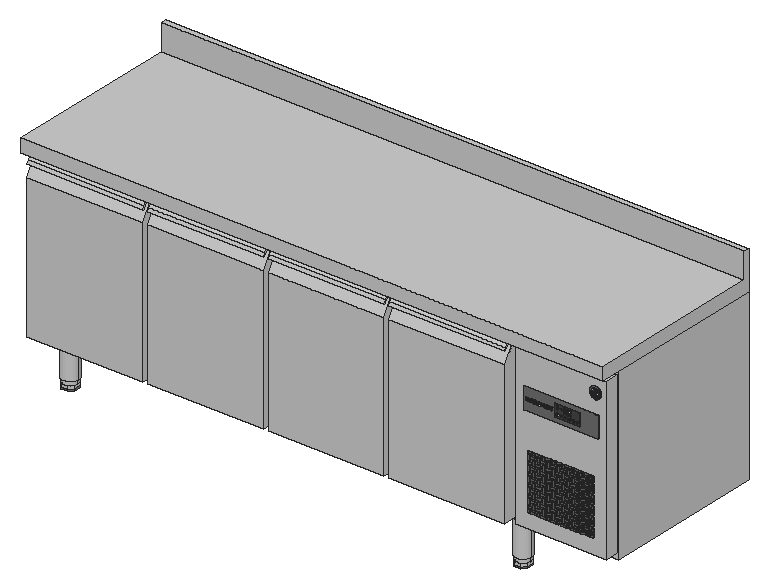
Revit family "QF_HOSHIZAKI_899040844", category Specialty Equipment, Revit 2016 (continued)
Definition of nested family "QF_HOSHIZAKI_ADVANCE_REF-COUNTER-DOORS-DRAWERS"
  Definition of nested family "Left_Door"
    Automatic sketch dimensions
      Extrusion 1 sketch curve to plane 10 = 37 mm
      Extrusion 1 sketch curve to plane 10 = 8 mm
      Extrusion 3 sketch curve to plane 3 "Left" = 0 mm
      Extrusion 3 sketch curve to plane 4 "Right" = 0 mm
      plane 5 "Front" to Extrusion 3 sketch curve = 6 mm
      curve 1 to plane 5 "Front" = 0 mm
      curve 2 to plane 5 "Front" = 0 mm
      Extrusion 2 sketch curve to Extrusion 2 sketch curve = 0 mm  (x2)
      plane 5 "Front" to Extrusion 2 sketch curve = 6 mm  (x2)
      Extrusion 2 sketch curve to Extrusion 2 sketch curve = 1.798 mm
      plane 5 "Front" to Extrusion 2 sketch curve = 11.222 mm
      Extrusion 2 sketch curve to Extrusion 2 sketch curve = 11.684 mm
      Extrusion 2 sketch curve to Extrusion 2 sketch curve = 18.812 mm
      Extrusion 2 sketch curve to plane 7 "Front door" = 11 mm
      Extrusion 2 sketch curve to plane 10 = 66.98 mm
      Extrusion 2 sketch curve to plane 10 = 20.008 mm
      Extrusion 2 sketch curve to Extrusion 2 sketch curve = 0.877 mm  (x2)
  Definition of nested family "3_Drawers_1-3"
    Parameters (values of type "3 Drawers 1-3")
      Worktop thickness [instance] = 50 mm
      URL = "www.specifiglobal.com"
      Section size [instance] = 446 mm
      Model = ""
      Manufacturer = "DEMO CONSULTANT"
      Legs height [instance] = 150 mm
      Height Actual [instance] = 850 mm
      Description = ""
      Depth Actual [instance] = 700 mm
      Assembly Code = "E1090320"
      3 Drawers = yes
    Reference planes
      plane 1 "Back": y = 0
      plane 2: z = 0
      plane 3 "Left": x = 0
      plane 4 "Right": x = 446
      plane 5 "Front": y = -700
      plane 6 "Top": z = 850
      plane 7 "Front door": y = -633
      plane 8 "Bottom shelf": z = 150
      plane 9 "Worktop bottom": z = 800
      plane 10: z = 784
      plane 11: z = 170
      plane 12: z = 584
      plane 13: z = 577
      plane 14: z = 370
      plane 15: z = 377
      plane 16: z = 580.5
      plane 17: z = 373.5
      plane 18: z = 166.5
      plane 19: z = 787.5
    Forms (mm)
      Extrusion 1, solid, visible <- "3 Drawers"
        sketch origin (860, -633, 4000) x (-1, 0, 0) y (0, 0, 1)
          loop
            line (852, -3224) -> (422, -3224) -> (422, -3408) -> (852, -3408) -> (852, -3224)
          loop
            line (823, -3253) -> (451, -3253) -> (451, -3379) -> (823, -3379) -> (823, -3253)
        from 0 to -11
      Extrusion 2, solid, visible <- "3 Drawers"
        sketch origin (0, 0, 0) x (0, 1, 0) y (0, 0, 1)
          loop
            line (-644, 784) -> (-675.296, 784)
            arc (-675.296, 784) -> (-683.245, 781.721) -> (-688.778, 775.576) r 15
            line (-688.778, 775.576) -> (-694, 764.869) -> (-692.202, 763.992) -> (-686.981, 774.699)
            arc (-686.981, 774.699) -> (-682.185, 780.025) -> (-675.296, 782) r 13
            line (-675.296, 782) -> (-656.484, 782) -> (-694, 717.02) -> (-694, 584) -> (-644, 584) -> (-644, 784)
        from 0 to 446
      Extrusion 3, solid, visible <- "3 Drawers"
        sketch origin (0, 0, -237.3) x (0, 1, 0) y (0, 0, 1)
          loop
            line (-644, 814.3) -> (-675.296, 814.3)
            arc (-675.296, 814.3) -> (-683.245, 812.021) -> (-688.778, 805.876) r 15
            line (-688.778, 805.876) -> (-694, 795.169) -> (-692.202, 794.292) -> (-686.981, 804.999)
            arc (-686.981, 804.999) -> (-682.185, 810.325) -> (-675.296, 812.3) r 13
            line (-675.296, 812.3) -> (-656.484, 812.3) -> (-694, 747.32) -> (-694, 614.3) -> (-644, 614.3) -> (-644, 814.3)
        from 0 to 446
      Extrusion 4, solid, visible <- "3 Drawers"
        sketch origin (0, 0, -463.333) x (0, 1, 0) y (0, 0, 1)
          loop
            line (-644, 833.333) -> (-675.296, 833.333)
            arc (-675.296, 833.333) -> (-683.245, 831.054) -> (-688.778, 824.909) r 15
            line (-688.778, 824.909) -> (-694, 814.202) -> (-692.202, 813.326) -> (-686.981, 824.032)
            arc (-686.981, 824.032) -> (-682.185, 829.358) -> (-675.296, 831.333) r 13
            line (-675.296, 831.333) -> (-656.484, 831.333) -> (-694, 766.353) -> (-694, 633.333) -> (-644, 633.333) -> (-644, 833.333)
        from 0 to 446
      Extrusion 5, solid, visible <- "3 Drawers"
        sketch origin (860, -633, 3773.7) x (-1, 0, 0) y (0, 0, 1)
          loop
            line (852, -3204.7) -> (422, -3204.7) -> (422, -3388.7) -> (852, -3388.7) -> (852, -3204.7)
          loop
            line (823, -3233.7) -> (451, -3233.7) -> (451, -3359.7) -> (823, -3359.7) -> (823, -3233.7)
        from 0 to -11
      Extrusion 6, solid, visible <- "3 Drawers"
        sketch origin (860, -633, 3547) x (-1, 0, 0) y (0, 0, 1)
          loop
            line (852, -3185) -> (422, -3185) -> (422, -3369) -> (852, -3369) -> (852, -3185)
          loop
            line (823, -3214) -> (451, -3214) -> (451, -3340) -> (823, -3340) -> (823, -3214)
        from 0 to -11
      Extrusion 7, solid, visible <- "3 Drawers", detail levels coarse
        sketch origin (0, -608.657, 584) x (0, 1, 0) y (-1, 0, 0)
          loop
            line (-85.343, 0) -> (-551.343, 0) -> (-551.343, -446) -> (-85.343, -446) -> (-85.343, 0)
        from 0 to 200
      Extrusion 8, solid, visible <- "3 Drawers", detail levels coarse
        sketch origin (0, -503.657, 377) x (0, 1, 0) y (-1, 0, 0)
          loop
            line (-190.343, 0) -> (-656.343, 0) -> (-656.343, -446) -> (-190.343, -446) -> (-190.343, 0)
        from 0 to 200
      Extrusion 9, solid, visible <- "3 Drawers", detail levels coarse
        sketch origin (0, -343.657, 170) x (0, 1, 0) y (-1, 0, 0)
          loop
            line (-350.343, 0) -> (-816.343, 0) -> (-816.343, -446) -> (-350.343, -446) -> (-350.343, 0)
        from 0 to 200
    Lines and regions (mm)
      symbolic lines, visible <- "3 Drawers"
        curve 1: line (0, -808, 850) -> (0, -854, 850)
        curve 2: line (0, -854, 850) -> (446, -854, 850)
        curve 3: line (446, -854, 850) -> (446, -808, 850)
        curve 4: line (446, -808, 850) -> (0, -808, 850)
        curve 5: line (416, -808, 850) -> (416, -700, 850)
        curve 6: line (30, -808, 850) -> (30, -700, 850)
        curve 7: line (0, -961, 850) -> (0, -1007, 850)
        curve 8: line (0, -1007, 850) -> (446, -1007, 850)
        curve 9: line (446, -1007, 850) -> (446, -961, 850)
        curve 10: line (446, -961, 850) -> (0, -961, 850)
        curve 11: line (416, -961, 850) -> (416, -854, 850)
        curve 12: line (30, -961, 850) -> (30, -854, 850)
        curve 13: line (0, -1114, 850) -> (0, -1160, 850)
        curve 14: line (0, -1160, 850) -> (446, -1160, 850)
        curve 15: line (446, -1160, 850) -> (446, -1114, 850)
        curve 16: line (446, -1114, 850) -> (0, -1114, 850)
        curve 17: line (416, -1114, 850) -> (416, -1007, 850)
        curve 18: line (30, -1114, 850) -> (30, -1007, 850)
    Dimensions and locks
      "Section size": plane 3 "Left" to plane 4 "Right"
      "Depth Actual": plane 5 "Front" to plane 1 "Back"
      "Height Actual": plane 6 "Top" to level
      locked: plane 7 "Front door" to plane 5 "Front" at 67
      "Legs height": plane 8 "Bottom shelf" to plane 2
      "Worktop thickness": plane 6 "Top" to plane 9 "Worktop bottom"
      locked: plane 11 to plane 8 "Bottom shelf" at 20
      locked: plane 9 "Worktop bottom" to plane 10 at 16
      locked: plane 12 to plane 13 at 7
      locked: plane 15 to plane 14 at 7
      locked: plane 11 to plane 18 at 3.5
      equal spacing: plane 12, plane 16, plane 13
      equal spacing: plane 15, plane 17, plane 14
      locked: plane 19 to plane 10 at 3.5
      equal spacing: plane 19, plane 16, plane 17, plane 18
      aligned and locked: level to plane 2
      aligned and locked: Extrusion 2 to plane 4 "Right"
      aligned and locked: Extrusion 3 to plane 4 "Right"
      aligned and locked: Extrusion 4 to plane 4 "Right"
      aligned and locked: plane 4 "Right" to Extrusion 7 sketch curve
      aligned and locked: plane 3 "Left" to Extrusion 7 sketch curve
      aligned and locked: Extrusion 7 to plane 10
      aligned and locked: Extrusion 8 to plane 13
      aligned and locked: Extrusion 9 to plane 14
      aligned and locked: plane 10 to Extrusion 2 sketch curve
      aligned and locked: Extrusion 2 sketch curve to plane 12
      aligned and locked: Extrusion 3 sketch curve to plane 15
      aligned and locked: plane 13 to Extrusion 3 sketch curve
    Automatic sketch dimensions
      plane 4 "Right" to Extrusion 1 sketch curve = 8 mm
      plane 4 "Right" to Extrusion 1 sketch curve = 37 mm
      plane 3 "Left" to Extrusion 1 sketch curve = 37 mm
      plane 3 "Left" to Extrusion 1 sketch curve = 8 mm
      plane 12 to Extrusion 1 sketch curve = 8 mm
      plane 12 to Extrusion 1 sketch curve = 37 mm
      Extrusion 1 sketch curve to plane 10 = 37 mm
      Extrusion 1 sketch curve to plane 10 = 8 mm
      plane 4 "Right" to Extrusion 5 sketch curve = 8 mm
      plane 4 "Right" to Extrusion 5 sketch curve = 37 mm
      plane 3 "Left" to Extrusion 5 sketch curve = 37 mm
      plane 3 "Left" to Extrusion 5 sketch curve = 8 mm
      plane 15 to Extrusion 5 sketch curve = 8 mm
      plane 15 to Extrusion 5 sketch curve = 37 mm
      Extrusion 5 sketch curve to plane 13 = 37 mm
      Extrusion 5 sketch curve to plane 13 = 8 mm
      plane 4 "Right" to Extrusion 6 sketch curve = 8 mm
      plane 4 "Right" to Extrusion 6 sketch curve = 37 mm
      plane 3 "Left" to Extrusion 6 sketch curve = 37 mm
      plane 3 "Left" to Extrusion 6 sketch curve = 8 mm
      plane 11 to Extrusion 6 sketch curve = 8 mm
      plane 11 to Extrusion 6 sketch curve = 37 mm
      Extrusion 6 sketch curve to plane 14 = 37 mm
      Extrusion 6 sketch curve to plane 14 = 8 mm
      Extrusion 7 sketch curve to plane 5 "Front" = 460 mm
      plane 5 "Front" to Extrusion 7 sketch curve = 6 mm
      Extrusion 8 sketch curve to plane 3 "Left" = 0 mm
      Extrusion 8 sketch curve to plane 4 "Right" = 0 mm
      Extrusion 8 sketch curve to plane 5 "Front" = 460 mm
      plane 5 "Front" to Extrusion 8 sketch curve = 6 mm
      Extrusion 9 sketch curve to plane 3 "Left" = 0 mm
      Extrusion 9 sketch curve to plane 4 "Right" = 0 mm
      Extrusion 9 sketch curve to plane 5 "Front" = 460 mm
      plane 5 "Front" to Extrusion 9 sketch curve = 6 mm
      curve 13 to plane 3 "Left" = 0 mm
      curve 14 to plane 4 "Right" = 0 mm
      curve 7 to plane 3 "Left" = 0 mm
      curve 8 to plane 4 "Right" = 0 mm
      curve 1 to plane 3 "Left" = 0 mm
      curve 3 to plane 4 "Right" = 0 mm
      curve 6 to plane 5 "Front" = 0 mm
      curve 5 to plane 5 "Front" = 0 mm
      curve 1 to plane 5 "Front" = 108 mm
      curve 2 to curve 3 = 46 mm
      curve 7 to curve 1 = 107 mm
      curve 9 to curve 9 = 46 mm
      curve 16 to curve 7 = 107 mm
      curve 14 to curve 13 = 46 mm
      curve 8 to curve 17 = 30 mm
      curve 9 to curve 11 = 30 mm
      curve 3 to curve 5 = 30 mm
      plane 3 "Left" to curve 6 = 30 mm
      plane 3 "Left" to curve 18 = 30 mm
      plane 3 "Left" to curve 12 = 30 mm
      Extrusion 2 sketch curve to Extrusion 2 sketch curve = 0 mm  (x3)
      plane 5 "Front" to Extrusion 2 sketch curve = 6 mm  (x2)
      Extrusion 2 sketch curve to Extrusion 2 sketch curve = 1.798 mm  (x2)
      Extrusion 2 sketch curve to Extrusion 2 sketch curve = 11.684 mm
      plane 5 "Front" to Extrusion 2 sketch curve = 43.516 mm
      plane 5 "Front" to Extrusion 2 sketch curve = 56 mm
      Extrusion 2 sketch curve to plane 10 = 66.98 mm
      Extrusion 3 sketch curve to Extrusion 3 sketch curve = 0 mm  (x4)
      Extrusion 3 sketch curve to Extrusion 3 sketch curve = 1.798 mm  (x2)
      plane 5 "Front" to Extrusion 3 sketch curve = 11.222 mm
      Extrusion 3 sketch curve to Extrusion 3 sketch curve = 18.812 mm
      Extrusion 3 sketch curve to plane 7 "Front door" = 11 mm
      Extrusion 3 sketch curve to Extrusion 3 sketch curve = 46.972 mm
      Extrusion 4 sketch curve to Extrusion 4 sketch curve = 0 mm  (x2)
      Extrusion 4 sketch curve to plane 11 = 0 mm
      Extrusion 4 sketch curve to plane 14 = 0 mm
      Extrusion 4 sketch curve to plane 7 "Front door" = 61 mm  (x2)
      Extrusion 4 sketch curve to Extrusion 4 sketch curve = 1.798 mm  (x2)
      Extrusion 4 sketch curve to plane 14 = 8.424 mm
      Extrusion 4 sketch curve to Extrusion 4 sketch curve = 5.222 mm
      Extrusion 4 sketch curve to plane 14 = 9.301 mm
      Extrusion 4 sketch curve to plane 7 "Front door" = 42.296 mm
      Extrusion 4 sketch curve to plane 7 "Front door" = 23.484 mm
      Extrusion 4 sketch curve to plane 7 "Front door" = 11 mm
      Extrusion 4 sketch curve to Extrusion 4 sketch curve = 46.972 mm
      plane 5 "Front" to Extrusion 2 sketch curve = 11.222 mm
      plane 5 "Front" to Extrusion 3 sketch curve = 7.798 mm
      plane 5 "Front" to Extrusion 3 sketch curve = 6 mm
      Extrusion 3 sketch curve to Extrusion 3 sketch curve = 11.684 mm
      Extrusion 3 sketch curve to Extrusion 3 sketch curve = 66.98 mm
      Extrusion 3 sketch curve to Extrusion 3 sketch curve = 0.877 mm
      Extrusion 2 sketch curve to plane 10 = 20.008 mm
      Extrusion 2 sketch curve to Extrusion 2 sketch curve = 0.877 mm
  Definition of nested family "2_Drawers_1-2"
    Parameters (values of type "2 Drawers 1-2")
      Worktop thickness [instance] = 50 mm
      URL = "www.specifiglobal.com"
      Section size [instance] = 446 mm
      Model = ""
      Manufacturer = "DEMO CONSULTANT"
      Legs height [instance] = 150 mm
      Height Actual [instance] = 850 mm
      Description = ""
      Depth Actual [instance] = 700 mm
      Assembly Code = "E1090320"
      2 Drawers = yes
    Reference planes
      plane 1 "Back": y = 0
      plane 2: z = 0
      plane 3 "Left": x = 0
      plane 4 "Right": x = 446
      plane 5 "Front": y = -700
      plane 6 "Top": z = 850
      plane 7 "Front door": y = -633
      plane 8 "Bottom shelf": z = 150
      plane 9 "Worktop bottom": z = 800
      plane 10: z = 784
      plane 11: z = 170
      plane 12: z = 481
      plane 13: z = 473
      plane 14: z = 477
      plane 15: z = 792
      plane 16: z = 160
    Forms (mm)
      Extrusion 1, solid, visible <- "2 Drawers"
        sketch origin (860, -633, 4000) x (-1, 0, 0) y (0, 0, 1)
          loop
            line (852, -3224) -> (422, -3224) -> (422, -3511) -> (852, -3511) -> (852, -3224)
          loop
            line (823, -3253) -> (451, -3253) -> (451, -3482) -> (823, -3482) -> (823, -3253)
        from 0 to -11
      Extrusion 2, solid, visible <- "2 Drawers"
        sketch origin (0, 0, 0) x (0, 1, 0) y (0, 0, 1)
          loop
            line (-644, 784) -> (-675.296, 784)
            arc (-675.296, 784) -> (-683.245, 781.721) -> (-688.778, 775.576) r 15
            line (-688.778, 775.576) -> (-694, 764.869) -> (-692.202, 763.992) -> (-686.981, 774.699)
            arc (-686.981, 774.699) -> (-682.185, 780.025) -> (-675.296, 782) r 13
            line (-675.296, 782) -> (-656.484, 782) -> (-694, 717.02) -> (-694, 481) -> (-644, 481) -> (-644, 784)
        from 0 to 446
      Extrusion 3, solid, visible <- "2 Drawers"
        sketch origin (0, 0, -463.333) x (0, 1, 0) y (0, 0, 1)
          loop
            line (-644, 936.333) -> (-675.296, 936.333)
            arc (-675.296, 936.333) -> (-683.245, 934.054) -> (-688.778, 927.909) r 15
            line (-688.778, 927.909) -> (-694, 917.202) -> (-692.202, 916.326) -> (-686.981, 927.032)
            arc (-686.981, 927.032) -> (-682.185, 932.358) -> (-675.296, 934.333) r 13
            line (-675.296, 934.333) -> (-656.484, 934.333) -> (-694, 869.353) -> (-694, 633.333) -> (-644, 633.333) -> (-644, 936.333)
        from 0 to 446
      Extrusion 4, solid, visible <- "2 Drawers"
        sketch origin (860, -633, 3547) x (-1, 0, 0) y (0, 0, 1)
          loop
            line (852, -3082) -> (422, -3082) -> (422, -3369) -> (852, -3369) -> (852, -3082)
          loop
            line (823, -3111) -> (451, -3111) -> (451, -3340) -> (823, -3340) -> (823, -3111)
        from 0 to -11
      Extrusion 5, solid, visible <- "2 Drawers", detail levels coarse
        sketch origin (0, -608.657, 481) x (0, 1, 0) y (-1, 0, 0)
          loop
            line (-85.343, 0) -> (-551.343, 0) -> (-551.343, -446) -> (-85.343, -446) -> (-85.343, 0)
        from 0 to 303
      Extrusion 6, solid, visible <- "2 Drawers", detail levels coarse
        sketch origin (0, -343.657, 170) x (0, 1, 0) y (-1, 0, 0)
          loop
            line (-350.343, 0) -> (-816.343, 0) -> (-816.343, -446) -> (-350.343, -446) -> (-350.343, 0)
        from 0 to 303
    Lines and regions (mm)
      symbolic lines, visible <- "2 Drawers"
        curve 1: line (0, -884, 850) -> (0, -930, 850)
        curve 2: line (0, -930, 850) -> (446, -930, 850)
        curve 3: line (446, -930, 850) -> (446, -884, 850)
        curve 4: line (446, -884, 850) -> (0, -884, 850)
        curve 5: line (416, -884, 850) -> (416, -700, 850)
        curve 6: line (30, -884, 850) -> (30, -700, 850)
        curve 7: line (0, -1114, 850) -> (0, -1160, 850)
        curve 8: line (0, -1160, 850) -> (446, -1160, 850)
        curve 9: line (446, -1160, 850) -> (446, -1114, 850)
        curve 10: line (446, -1114, 850) -> (0, -1114, 850)
        curve 11: line (416, -1114, 850) -> (416, -930, 850)
        curve 12: line (30, -1114, 850) -> (30, -930, 850)
    Dimensions and locks
      "Section size": plane 3 "Left" to plane 4 "Right"
      "Depth Actual": plane 5 "Front" to plane 1 "Back"
      "Height Actual": plane 6 "Top" to level
      locked: plane 7 "Front door" to plane 5 "Front" at 67
      "Legs height": plane 8 "Bottom shelf" to plane 2
      "Worktop thickness": plane 6 "Top" to plane 9 "Worktop bottom"
      locked: plane 11 to plane 8 "Bottom shelf" at 20
      locked: plane 9 "Worktop bottom" to plane 10 at 16
      equal spacing: plane 9 "Worktop bottom", plane 15, plane 10
      equal spacing: plane 11, plane 16, plane 8 "Bottom shelf"
      plane 12 to plane 13 = 8 mm
      equal spacing: plane 12, plane 14, plane 13
      equal spacing: plane 10, plane 14, plane 11
      aligned and locked: level to plane 2
      aligned and locked: Extrusion 2 to plane 4 "Right"
      aligned and locked: Extrusion 3 to plane 4 "Right"
      aligned and locked: plane 4 "Right" to Extrusion 5 sketch curve
      aligned and locked: plane 3 "Left" to Extrusion 5 sketch curve
      aligned and locked: Extrusion 5 to plane 10
      aligned and locked: Extrusion 6 to plane 13
      aligned and locked: Extrusion 2 sketch curve to plane 12
      aligned and locked: plane 10 to Extrusion 2 sketch curve
      aligned and locked: Extrusion 3 sketch curve to plane 11
      aligned and locked: plane 13 to Extrusion 3 sketch curve
    Automatic sketch dimensions
      plane 4 "Right" to Extrusion 1 sketch curve = 8 mm
      plane 4 "Right" to Extrusion 1 sketch curve = 37 mm
      plane 3 "Left" to Extrusion 1 sketch curve = 37 mm
      plane 3 "Left" to Extrusion 1 sketch curve = 8 mm
      plane 12 to Extrusion 1 sketch curve = 8 mm
      plane 12 to Extrusion 1 sketch curve = 37 mm
      Extrusion 1 sketch curve to plane 10 = 37 mm
      Extrusion 1 sketch curve to plane 10 = 8 mm
      plane 4 "Right" to Extrusion 4 sketch curve = 8 mm
      plane 4 "Right" to Extrusion 4 sketch curve = 37 mm
      plane 3 "Left" to Extrusion 4 sketch curve = 37 mm
      plane 3 "Left" to Extrusion 4 sketch curve = 8 mm
      plane 11 to Extrusion 4 sketch curve = 8 mm
      plane 11 to Extrusion 4 sketch curve = 37 mm
      Extrusion 4 sketch curve to plane 13 = 37 mm
      Extrusion 4 sketch curve to plane 13 = 8 mm
      Extrusion 5 sketch curve to plane 5 "Front" = 460 mm
      plane 5 "Front" to Extrusion 5 sketch curve = 6 mm
      Extrusion 6 sketch curve to plane 3 "Left" = 0 mm
      Extrusion 6 sketch curve to plane 4 "Right" = 0 mm
      Extrusion 6 sketch curve to plane 5 "Front" = 460 mm
      plane 5 "Front" to Extrusion 6 sketch curve = 6 mm
      curve 8 to plane 3 "Left" = 0 mm
      curve 8 to plane 4 "Right" = 0 mm
      curve 3 to plane 4 "Right" = 0 mm
      curve 1 to plane 3 "Left" = 0 mm
      curve 5 to plane 5 "Front" = 0 mm
      curve 6 to plane 5 "Front" = 0 mm
      curve 4 to plane 5 "Front" = 184 mm
      curve 2 to curve 1 = 46 mm
      curve 7 to curve 1 = 184 mm
      curve 9 to curve 9 = 46 mm
      plane 4 "Right" to curve 5 = 30 mm
      plane 4 "Right" to curve 11 = 30 mm
      plane 3 "Left" to curve 12 = 30 mm
      plane 3 "Left" to curve 6 = 30 mm
      Extrusion 2 sketch curve to Extrusion 2 sketch curve = 0 mm  (x2)
      plane 5 "Front" to Extrusion 2 sketch curve = 6 mm  (x2)
      Extrusion 2 sketch curve to Extrusion 2 sketch curve = 1.798 mm  (x2)
      Extrusion 2 sketch curve to Extrusion 2 sketch curve = 5.222 mm
      plane 5 "Front" to Extrusion 2 sketch curve = 24.704 mm
      plane 5 "Front" to Extrusion 2 sketch curve = 43.516 mm
      plane 5 "Front" to Extrusion 2 sketch curve = 56 mm
      Extrusion 2 sketch curve to Extrusion 2 sketch curve = 46.972 mm
      Extrusion 2 sketch curve to Extrusion 2 sketch curve = 0.877 mm
      Extrusion 2 sketch curve to Extrusion 2 sketch curve = 5.699 mm
      plane 5 "Front" to Extrusion 3 sketch curve = 6 mm  (x2)
      Extrusion 3 sketch curve to Extrusion 3 sketch curve = 1.798 mm  (x2)
      Extrusion 3 sketch curve to Extrusion 3 sketch curve = 5.222 mm
      Extrusion 3 sketch curve to Extrusion 3 sketch curve = 11.684 mm
      plane 5 "Front" to Extrusion 3 sketch curve = 43.516 mm
      plane 5 "Front" to Extrusion 3 sketch curve = 56 mm
      Extrusion 3 sketch curve to Extrusion 3 sketch curve = 46.972 mm
      Extrusion 3 sketch curve to Extrusion 3 sketch curve = 0 mm  (x2)
      Extrusion 3 sketch curve to Extrusion 3 sketch curve = 5.699 mm
      Extrusion 3 sketch curve to Extrusion 3 sketch curve = 0.877 mm
  Definition of nested family "3_Drawers_1-3_2-3"
    Parameters (values of type "2 Drawers 1-3 and 2-3")
      Worktop thickness [instance] = 40 mm
      URL = "www.specifiglobal.com"
      Section size [instance] = 421 mm
      Model = ""
      Manufacturer = "DEMO CONSULTANT"
      Legs height [instance] = 150 mm
      Height Actual [instance] = 900 mm
      Description = ""
      Depth Actual [instance] = 700 mm
      Assembly Code = "E1090320"
      2 Drawers 1-3 and 2-3 = yes
    Reference planes
      plane 1 "Back": y = 0
      plane 2: z = 0
      plane 3 "Left": x = 0
      plane 4 "Right": x = 421
      plane 5 "Front": y = -700
      plane 6 "Top": z = 900
      plane 7 "Front door": y = -633
      plane 8 "Bottom shelf": z = 150
      plane 9 "Worktop bottom": z = 860
      plane 10: z = 841
      plane 11: z = 186
      plane 12: z = 627
      plane 13: z = 620
      plane 14: z = 623.5
      plane 15: z = 850.5
      plane 16: z = 168
    Forms (mm)
      Extrusion 1, solid, visible <- "2 Drawers 1-3 and 2-3"
        sketch origin (860, -633, 4000) x (-1, 0, 0) y (0, 0, 1)
          loop
            line (852, -3167) -> (447, -3167) -> (447, -3365) -> (852, -3365) -> (852, -3167)
          loop
            line (823, -3196) -> (476, -3196) -> (476, -3336) -> (823, -3336) -> (823, -3196)
        from 0 to -11
      Extrusion 2, solid, visible <- "2 Drawers 1-3 and 2-3"
        sketch origin (0, 0, 0) x (0, 1, 0) y (0, 0, 1)
          loop
            line (-644, 841) -> (-675.296, 841)
            arc (-675.296, 841) -> (-683.245, 838.721) -> (-688.778, 832.576) r 15
            line (-688.778, 832.576) -> (-694, 821.869) -> (-692.202, 820.992) -> (-686.981, 831.699)
            arc (-686.981, 831.699) -> (-682.185, 837.025) -> (-675.296, 839) r 13
            line (-675.296, 839) -> (-656.484, 839) -> (-694, 774.02) -> (-694, 627) -> (-644, 627) -> (-644, 841)
        from 0 to 421
      Extrusion 3, solid, visible <- "2 Drawers 1-3 and 2-3"
        sketch origin (0, 0, -463.333) x (0, 1, 0) y (0, 0, 1)
          loop
            line (-644, 1083.333) -> (-675.296, 1083.333)
            arc (-675.296, 1083.333) -> (-683.245, 1081.054) -> (-688.778, 1074.909) r 15
            line (-688.778, 1074.909) -> (-694, 1064.202) -> (-692.202, 1063.326) -> (-686.981, 1074.032)
            arc (-686.981, 1074.032) -> (-682.185, 1079.358) -> (-675.296, 1081.333) r 13
            line (-675.296, 1081.333) -> (-656.484, 1081.333) -> (-694, 1016.353) -> (-694, 649.333) -> (-644, 649.333) -> (-644, 1083.333)
        from 0 to 421
      Extrusion 4, solid, visible <- "2 Drawers 1-3 and 2-3"
        sketch origin (860, -633, 3547) x (-1, 0, 0) y (0, 0, 1)
          loop
            line (852, -2935) -> (447, -2935) -> (447, -3353) -> (852, -3353) -> (852, -2935)
          loop
            line (823, -2964) -> (476, -2964) -> (476, -3324) -> (823, -3324) -> (823, -2964)
        from 0 to -11
      Extrusion 5, solid, visible <- "2 Drawers 1-3 and 2-3", detail levels coarse
        sketch origin (0, -608.657, 627) x (0, 1, 0) y (-1, 0, 0)
          loop
            line (-85.343, 0) -> (-551.343, 0) -> (-551.343, -421) -> (-85.343, -421) -> (-85.343, 0)
        from 0 to 214
      Extrusion 6, solid, visible <- "2 Drawers 1-3 and 2-3", detail levels coarse
        sketch origin (0, -343.657, 186) x (0, 1, 0) y (-1, 0, 0)
          loop
            line (-350.343, 0) -> (-816.343, 0) -> (-816.343, -421) -> (-350.343, -421) -> (-350.343, 0)
        from 0 to 434
    Lines and regions (mm)
      symbolic lines, visible <- "2 Drawers 1-3 and 2-3"
        curve 1: line (0, -804, 900) -> (0, -850, 900)
        curve 2: line (0, -850, 900) -> (421, -850, 900)
        curve 3: line (421, -850, 900) -> (421, -804, 900)
        curve 4: line (421, -804, 900) -> (0, -804, 900)
        curve 5: line (391, -804, 900) -> (391, -700, 900)
        curve 6: line (30, -804, 900) -> (30, -700, 900)
        curve 7: line (0, -1114, 900) -> (0, -1160, 900)
        curve 8: line (0, -1160, 900) -> (421, -1160, 900)
        curve 9: line (421, -1160, 900) -> (421, -1114, 900)
        curve 10: line (421, -1114, 900) -> (0, -1114, 900)
        curve 11: line (391, -1114, 900) -> (391, -850, 900)
        curve 12: line (30, -1114, 900) -> (30, -850, 900)
    Dimensions and locks
      "Section size": plane 3 "Left" to plane 4 "Right"
      "Depth Actual": plane 5 "Front" to plane 1 "Back"
      "Height Actual": plane 6 "Top" to level
      locked: plane 7 "Front door" to plane 5 "Front" at 67
      "Legs height": plane 8 "Bottom shelf" to plane 2
      "Worktop thickness": plane 6 "Top" to plane 9 "Worktop bottom"
      locked: plane 11 to plane 8 "Bottom shelf" at 36
      locked: plane 9 "Worktop bottom" to plane 10 at 19
      locked: plane 12 to plane 13 at 7
      equal spacing: plane 9 "Worktop bottom", plane 15, plane 10
      equal spacing: plane 11, plane 16, plane 8 "Bottom shelf"
      locked: Extrusion 4 sketch curve to plane 13 at 37
      locked: Extrusion 4 sketch curve to plane 13 at 8
      equal spacing: plane 12, plane 14, plane 13
      locked: plane 10 to plane 12 at 214
      aligned and locked: level to plane 2
      aligned and locked: Extrusion 2 to plane 4 "Right"
      aligned and locked: Extrusion 3 to plane 4 "Right"
      aligned and locked: plane 4 "Right" to Extrusion 5 sketch curve
      aligned and locked: plane 3 "Left" to Extrusion 5 sketch curve
      aligned and locked: Extrusion 5 to plane 10
      aligned and locked: Extrusion 6 to plane 13
      aligned and locked: plane 10 to Extrusion 2 sketch curve
      aligned and locked: Extrusion 2 sketch curve to plane 12
      aligned and locked: Extrusion 3 sketch curve to plane 11
      aligned and locked: plane 13 to Extrusion 3 sketch curve
    Automatic sketch dimensions
      plane 4 "Right" to Extrusion 1 sketch curve = 8 mm
      plane 4 "Right" to Extrusion 1 sketch curve = 37 mm
      plane 3 "Left" to Extrusion 1 sketch curve = 37 mm
      plane 3 "Left" to Extrusion 1 sketch curve = 8 mm
      plane 12 to Extrusion 1 sketch curve = 8 mm
      plane 12 to Extrusion 1 sketch curve = 37 mm
      Extrusion 1 sketch curve to plane 10 = 37 mm
      Extrusion 1 sketch curve to plane 10 = 8 mm
      plane 4 "Right" to Extrusion 4 sketch curve = 8 mm
      plane 4 "Right" to Extrusion 4 sketch curve = 37 mm
      plane 3 "Left" to Extrusion 4 sketch curve = 37 mm
      plane 3 "Left" to Extrusion 4 sketch curve = 8 mm
      plane 11 to Extrusion 4 sketch curve = 8 mm
      plane 11 to Extrusion 4 sketch curve = 37 mm
      Extrusion 5 sketch curve to plane 5 "Front" = 460 mm
      plane 5 "Front" to Extrusion 5 sketch curve = 6 mm
      Extrusion 6 sketch curve to plane 3 "Left" = 0 mm
      Extrusion 6 sketch curve to plane 4 "Right" = 0 mm
      Extrusion 6 sketch curve to plane 5 "Front" = 460 mm
      plane 5 "Front" to Extrusion 6 sketch curve = 6 mm
      curve 8 to plane 3 "Left" = 0 mm
      curve 8 to plane 4 "Right" = 0 mm
      curve 3 to plane 4 "Right" = 0 mm
      curve 1 to plane 3 "Left" = 0 mm
      curve 5 to plane 5 "Front" = 0 mm
      curve 6 to plane 5 "Front" = 0 mm
      curve 4 to plane 5 "Front" = 104 mm
      curve 2 to curve 1 = 46 mm
      curve 7 to curve 1 = 264 mm
      curve 9 to curve 9 = 46 mm
      curve 3 to curve 5 = 30 mm
      plane 4 "Right" to curve 11 = 30 mm
      plane 3 "Left" to curve 12 = 30 mm
      plane 3 "Left" to curve 6 = 30 mm
      Extrusion 2 sketch curve to Extrusion 2 sketch curve = 0 mm  (x2)
      Extrusion 2 sketch curve to plane 7 "Front door" = 61 mm  (x2)
      Extrusion 2 sketch curve to Extrusion 2 sketch curve = 1.798 mm  (x2)
      Extrusion 2 sketch curve to Extrusion 2 sketch curve = 5.222 mm
      Extrusion 2 sketch curve to Extrusion 2 sketch curve = 11.684 mm
      Extrusion 2 sketch curve to Extrusion 2 sketch curve = 18.812 mm
      Extrusion 2 sketch curve to Extrusion 2 sketch curve = 50 mm
      Extrusion 2 sketch curve to Extrusion 2 sketch curve = 46.972 mm
      Extrusion 2 sketch curve to Extrusion 2 sketch curve = 0.877 mm
      Extrusion 2 sketch curve to Extrusion 2 sketch curve = 5.699 mm
      Extrusion 3 sketch curve to Extrusion 3 sketch curve = 0 mm  (x2)
      plane 5 "Front" to Extrusion 3 sketch curve = 6 mm  (x2)
      Extrusion 3 sketch curve to Extrusion 3 sketch curve = 1.798 mm  (x2)
      plane 5 "Front" to Extrusion 3 sketch curve = 11.222 mm
      Extrusion 3 sketch curve to Extrusion 3 sketch curve = 11.684 mm
      Extrusion 3 sketch curve to Extrusion 3 sketch curve = 18.812 mm
      Extrusion 3 sketch curve to plane 7 "Front door" = 11 mm
      Extrusion 3 sketch curve to Extrusion 3 sketch curve = 57.679 mm
      Extrusion 3 sketch curve to Extrusion 3 sketch curve = 10.706 mm
      Extrusion 3 sketch curve to Extrusion 3 sketch curve = 5.699 mm
  Definition of nested family "Right_Glass_Door"
    Parameters (values of type "Right glass door")
      Worktop thickness [instance] = 40 mm
      URL = "www.specifiglobal.com"
      Section size [instance] = 421 mm
      Right hand hinged glass door = yes
      Model = ""
      Manufacturer = "DEMO CONSULTANT"
      Legs height [instance] = 150 mm
      Height Actual [instance] = 900 mm
      Description = ""
      Depth Actual [instance] = 700 mm
      Assembly Code = "E1090320"
    Reference planes
      plane 1 "Back": y = 0
      plane 2: z = 0
      plane 3 "Left": x = 0
      plane 4 "Right": x = 421
      plane 5 "Front": y = -700
      plane 6 "Top": z = 900
      plane 7 "Front door": y = -633
      plane 8 "Bottom shelf": z = 150
      plane 9 "Worktop bottom": z = 860
      plane 10: z = 841
      plane 11: z = 186
    Forms (mm)
      Extrusion 1, solid, visible <- "Right hand hinged glass door", detail levels coarse
        sketch origin (0, -608.657, 186) x (0, 1, 0) y (-1, 0, 0)
          loop
            arc (-85.343, 0) -> (-383.035, -123.308) -> (-506.343, -421) r 421
            line (-506.343, -421) -> (-85.343, -421) -> (-85.343, 0)
        from 0 to 655
      Extrusion 2, solid, visible <- "Right hand hinged glass door"
        sketch origin (860, -633, 4000) x (-1, 0, 0) y (0, 0, 1)
          loop
            line (852, -3167) -> (447, -3167) -> (447, -3806) -> (852, -3806) -> (852, -3167)
          loop
            line (823, -3196) -> (476, -3196) -> (476, -3777) -> (823, -3777) -> (823, -3196)
        from 0 to -11
      Extrusion 3, solid, visible <- "Right hand hinged glass door"
        sketch origin (0, -633, 0) x (-1, 0, 0) y (0, 0, 1)
          loop
            line (0, 841) -> (-421, 841) -> (-421, 186) -> (0, 186) -> (0, 841)
          loop
            line (-50, 791) -> (-371, 791) -> (-371, 236) -> (-50, 236) -> (-50, 791)
        from -11 to -61
      Extrusion 4, solid, visible <- "Right hand hinged glass door"
        sketch origin (0, -633, 0) x (-1, 0, 0) y (0, 0, 1)
          loop
            line (-50, 791) -> (-371, 791) -> (-371, 236) -> (-50, 236) -> (-50, 791)
        from -51 to -61
    Lines and regions (mm)
      symbolic lines, visible <- "Right hand hinged glass door"
        curve 1: line (421, -700, 900) -> (421, -1115, 900)
        curve 2: arc (0.043, -700, 900) -> (125.437, -993.806, 900) -> (421, -1115, 900) r 421
    Dimensions and locks
      "Section size": plane 3 "Left" to plane 4 "Right"
      "Depth Actual": plane 5 "Front" to plane 1 "Back"
      "Height Actual": plane 6 "Top" to level
      locked: plane 7 "Front door" to plane 5 "Front" at 67
      "Legs height": plane 8 "Bottom shelf" to plane 2
      "Worktop thickness": plane 6 "Top" to plane 9 "Worktop bottom"
      locked: plane 11 to plane 8 "Bottom shelf" at 36
      locked: plane 9 "Worktop bottom" to plane 10 at 19
      locked: plane 11 to Extrusion 4 sketch curve at 50
      locked: Extrusion 4 sketch curve to plane 3 "Left" at 50
      locked: Extrusion 4 sketch curve to plane 10 at 50
      locked: plane 4 "Right" to Extrusion 4 sketch curve at 50
      aligned and locked: level to plane 2
      aligned and locked: Extrusion 1 to plane 10
      aligned and locked: Extrusion 3 sketch curve to Extrusion 1  (x2)
      aligned and locked: curve 2 to Extrusion 1
    Automatic sketch dimensions
      plane 4 "Right" to Extrusion 2 sketch curve = 8 mm
      plane 4 "Right" to Extrusion 2 sketch curve = 37 mm
      plane 3 "Left" to Extrusion 2 sketch curve = 37 mm
      plane 3 "Left" to Extrusion 2 sketch curve = 8 mm
      plane 11 to Extrusion 2 sketch curve = 8 mm
      plane 11 to Extrusion 2 sketch curve = 37 mm
      Extrusion 2 sketch curve to plane 10 = 37 mm
      Extrusion 2 sketch curve to plane 10 = 8 mm
      plane 4 "Right" to Extrusion 3 sketch curve = 50 mm
      plane 3 "Left" to Extrusion 3 sketch curve = 50 mm
      plane 11 to Extrusion 3 sketch curve = 50 mm
      Extrusion 3 sketch curve to plane 10 = 50 mm
      Extrusion 1 sketch curve to plane 4 "Right" = 0 mm
      Extrusion 1 sketch curve to plane 3 "Left" = 0 mm
      plane 5 "Front" to Extrusion 1 sketch curve = 6 mm
      plane 4 "Right" to Extrusion 3 sketch curve = 0 mm
      Extrusion 3 sketch curve to plane 3 "Left" = 0 mm
      curve 1 to plane 5 "Front" = 0 mm
      curve 2 to plane 5 "Front" = 0 mm
  Definition of nested family "Left_Glass_Door"
    Parameters (values of type "Left glass door")
      Worktop thickness [instance] = 40 mm
      URL = "www.specifiglobal.com"
      Section size [instance] = 421 mm
      Model = ""
      Manufacturer = "DEMO CONSULTANT"
      Legs height [instance] = 150 mm
      Left hand hinged glass door = yes
      Height Actual [instance] = 900 mm
      Description = ""
      Depth Actual [instance] = 700 mm
      Assembly Code = "E1090320"
    Reference planes
      plane 1 "Back": y = 0
      plane 2: z = 0
      plane 3 "Left": x = 0
      plane 4 "Right": x = 421
      plane 5 "Front": y = -700
      plane 6 "Top": z = 900
      plane 7 "Front door": y = -633
      plane 8 "Bottom shelf": z = 150
      plane 9 "Worktop bottom": z = 860
      plane 10: z = 841
      plane 11: z = 186
    Forms (mm)
      Extrusion 1, solid, visible <- "Left hand hinged glass door"
        sketch origin (860, -633, 4000) x (-1, 0, 0) y (0, 0, 1)
          loop
            line (852, -3167) -> (447, -3167) -> (447, -3806) -> (852, -3806) -> (852, -3167)
          loop
            line (823, -3196) -> (476, -3196) -> (476, -3777) -> (823, -3777) -> (823, -3196)
        from 0 to -11
      Extrusion 2, solid, visible <- "Left hand hinged glass door"
        sketch origin (0, -633, 0) x (-1, 0, 0) y (0, 0, 1)
          loop
            line (0, 841) -> (-421, 841) -> (-421, 186) -> (0, 186) -> (0, 841)
          loop
            line (-50, 791) -> (-371, 791) -> (-371, 236) -> (-50, 236) -> (-50, 791)
        from -11 to -61
      Extrusion 3, solid, visible <- "Left hand hinged glass door"
        sketch origin (0, -633, 0) x (-1, 0, 0) y (0, 0, 1)
          loop
            line (-50, 791) -> (-371, 791) -> (-371, 236) -> (-50, 236) -> (-50, 791)
        from -51 to -61
      Extrusion 4, solid, visible <- "Left hand hinged glass door", detail levels coarse
        sketch origin (0, -608.657, 186) x (0, 1, 0) y (-1, 0, 0)
          loop
            line (-85.343, 0) -> (-506.343, 0)
            arc (-506.343, 0) -> (-383.035, -297.692) -> (-85.343, -421) r 421
            line (-85.343, -421) -> (-85.343, 0)
        from 0 to 655
    Lines and regions (mm)
      symbolic lines, visible <- "Left hand hinged glass door"
        curve 1: line (0, -700, 900) -> (0, -1115, 900)
        curve 2: arc (0, -1115, 900) -> (295.563, -993.806, 900) -> (420.957, -700, 900) r 421
    Dimensions and locks
      "Section size": plane 3 "Left" to plane 4 "Right"
      "Depth Actual": plane 5 "Front" to plane 1 "Back"
      "Height Actual": plane 6 "Top" to level
      locked: plane 7 "Front door" to plane 5 "Front" at 67
      "Legs height": plane 8 "Bottom shelf" to plane 2
      "Worktop thickness": plane 6 "Top" to plane 9 "Worktop bottom"
      locked: plane 11 to plane 8 "Bottom shelf" at 36
      locked: plane 9 "Worktop bottom" to plane 10 at 19
      aligned and locked: level to plane 2
      aligned and locked: Extrusion 4 to plane 10
      aligned and locked: Extrusion 4 to curve 1
      aligned and locked: curve 2 to Extrusion 4
    Automatic sketch dimensions
      plane 4 "Right" to Extrusion 1 sketch curve = 8 mm
      plane 4 "Right" to Extrusion 1 sketch curve = 37 mm
      plane 3 "Left" to Extrusion 1 sketch curve = 37 mm
      plane 3 "Left" to Extrusion 1 sketch curve = 8 mm
      plane 11 to Extrusion 1 sketch curve = 8 mm
      plane 11 to Extrusion 1 sketch curve = 37 mm
      Extrusion 1 sketch curve to plane 10 = 37 mm
      Extrusion 1 sketch curve to plane 10 = 8 mm
      plane 4 "Right" to Extrusion 2 sketch curve = 0 mm
      Extrusion 2 sketch curve to plane 3 "Left" = 0 mm
      Extrusion 2 sketch curve to plane 11 = 0 mm
      Extrusion 2 sketch curve to plane 10 = 0 mm
      plane 4 "Right" to Extrusion 2 sketch curve = 50 mm
      plane 3 "Left" to Extrusion 2 sketch curve = 50 mm
      plane 11 to Extrusion 2 sketch curve = 50 mm
      Extrusion 2 sketch curve to plane 10 = 50 mm
      plane 4 "Right" to Extrusion 3 sketch curve = 50 mm
      plane 3 "Left" to Extrusion 3 sketch curve = 50 mm
      plane 11 to Extrusion 3 sketch curve = 50 mm
      Extrusion 3 sketch curve to plane 10 = 50 mm
      Extrusion 4 sketch curve to plane 3 "Left" = 0 mm
      Extrusion 4 sketch curve to plane 4 "Right" = 0 mm
      plane 5 "Front" to Extrusion 4 sketch curve = 6 mm
      curve 1 to plane 5 "Front" = 0 mm
      curve 2 to plane 5 "Front" = 0 mm
Definition of nested family "QF_HOSHIZAKI_ADVANCE_REF-COUNTER-LEGS"
  Parameters (values of type "760660117-4")
    Weight [instance] = 0.00 kg
    URL Cutsheet [instance] = ""
    URL = "www.hoshizaki-europe.com"
    Status [instance] = ""
    Specification by User [instance] = ""
    Specification by Manufacturer [instance] = ""
    Serial Number [instance] = ""
    Seismic Rating [instance] = ""
    SMACNA No [instance] = ""
    Revision Code [instance] = ""
    NAFEM Spec ID Number [instance] = ""
    Model = "L1"
    Masterspec [instance] = ""
    Manufacturer = "HOSHIZAKI"
    Length Actual [instance] = 2246 mm
    Legs visibility = yes
    Legs inset right [instance] = 430 mm
    Legs inset rear [instance] = 70 mm
    Legs inset left [instance] = 70 mm
    Legs inset front [instance] = 153 mm
    Item Number [instance] = ""
    Installed By [instance] = ""
    Identify Quantity as Lot [instance] = no
    Height Actual [instance] = 200 mm
    Furnished By [instance] = ""
    Foodservice Equipment Identifier [instance] = no
    Description = "SET OF LEGS 135-200MM FOR ADVANCE COUNTER - 4 SECTIONS"
    Depth Actual [instance] = 700 mm
    Cost = 0
    Central Legs [instance] = if(Length Actual > 2300 mm, 2 > 1, 2 < 1)  # no
    CSI MasterFormat [instance] = ""
    Assembly Code = "E1090320"
    Accessory [instance] = yes
  Reference planes
    plane 1 "Back": y = 0
    plane 2: z = 0
    plane 3 "Left": x = 0
    plane 4 "Right": x = 2246
    plane 5 "Front": y = -700
    plane 6 "Top": z = 200
    plane 7 "Left offset": x = 70
    plane 8 "Right offset": x = 1816
    plane 9 "Rear offset": y = -70
    plane 10 "Front offset": y = -547
    plane 11 "Central": x = 943
  Dimensions and locks
    "Length Actual": plane 3 "Left" to plane 4 "Right"
    "Depth Actual": plane 5 "Front" to plane 1 "Back"
    "Legs inset left": plane 3 "Left" to plane 7 "Left offset"
    "Legs inset right": plane 8 "Right offset" to plane 4 "Right"
    "Legs inset rear": plane 9 "Rear offset" to plane 1 "Back"
    "Legs inset front": plane 10 "Front offset" to plane 5 "Front"
    "Height Actual": plane 6 "Top" to plane 2
    equal spacing: plane 7 "Left offset", plane 11 "Central", plane 8 "Right offset"
    aligned and locked: level to plane 2
    aligned and locked: nested 1 to plane 9 "Rear offset"
    aligned and locked: nested 2 to plane 9 "Rear offset"
    aligned and locked: nested 1 to plane 7 "Left offset"
    aligned and locked: nested 2 to plane 8 "Right offset"
    aligned and locked: nested 3 to plane 10 "Front offset"
    aligned and locked: nested 4 to plane 10 "Front offset"
    aligned and locked: nested 3 to plane 7 "Left offset"
    aligned and locked: nested 4 to plane 8 "Right offset"
    aligned and locked: nested 6 to plane 11 "Central"
    aligned and locked: nested 5 to plane 11 "Central"
    aligned and locked: nested 5 to plane 9 "Rear offset"
    aligned and locked: nested 6 to plane 10 "Front offset"
  Nested families
    nested 1: "LEGS" at (70, -70, 0), visible <- "Legs visibility", type "LEG"
      with Legs height 200 mm
    nested 2: "LEGS" at (1816, -70, 0), visible <- "Legs visibility", type "LEG"
      with Legs height 200 mm
    nested 3: "LEGS" at (70, -547, 0), visible <- "Legs visibility", type "LEG"
      with Legs height 200 mm
    nested 4: "LEGS" at (1816, -547, 0), visible <- "Legs visibility", type "LEG"
      with Legs height 200 mm
    nested 5: "LEGS" at (943, -70, 0), visible <- "Central Legs", type "LEG"
      with Legs height 200 mm
    nested 6: "LEGS" at (943, -547, 0), visible <- "Central Legs", type "LEG"
      with Legs height 200 mm
  Definition of nested family "LEGS"
    Parameters (values of type "LEG")
      Legs visibility = yes
      Legs height = 150 mm
    Reference planes
      plane 1 "Center (Front/Back)": y = 0
      plane 2: z = 0
      plane 3 "Center (Left/Right)": x = 0
      plane 4 "Top": z = 150
    Forms (mm)
      Extrusion 1, solid, visible <- "Legs visibility"
        sketch origin (0, 0, 150) x (0, 1, 0) y (-1, 0, 0)
          loop
            line (40, 40) -> (-40, 40) -> (-40, -40) -> (40, -40) -> (40, 40)
        from 0 to -3
      Extrusion 2, solid, visible <- "Legs visibility"
        sketch origin (-199.986, 580, 0) x (1, 0, 0) y (0, 1, 0)
          loop
            circle (199.986, -580) r 28
        from 17.959 to 35
      Extrusion 3, solid, visible <- "Legs visibility"
        sketch origin (-199.986, 580, 0) x (1, 0, 0) y (0, 1, 0)
          loop
            line (171.486, -591.805) -> (188.181, -608.5) -> (211.791, -608.5) -> (228.486, -591.805) -> (228.486, -568.195) -> (211.791, -551.5) -> (188.181, -551.5) -> (171.486, -568.195) -> (171.486, -591.805)
        from 0 to 5
      Sweep 4, solid, visible <- "Legs visibility"
        path origin (0, 0, 0) x (0, 1, 0) y (0, 0, 1)
          loop
            line (0, 147) -> (0, 35)
        profile origin (0, 0, 91) x (1, 0, 0) y (0, 1, 0)
          loop
            circle (0, 0) r 32
      Extrusion 5, solid, visible <- "Legs visibility"
        sketch origin (-199.986, 580, 0) x (1, 0, 0) y (0, 1, 0)
          loop
            line (188.388, -552) -> (171.986, -568.402) -> (171.986, -591.598) -> (188.388, -608) -> (211.584, -608) -> (227.986, -591.598) -> (227.986, -568.402) -> (211.584, -552) -> (188.388, -552)
        from 5 to 17.959
    Dimensions and locks
      "Legs height": plane 4 "Top" to plane 2
      aligned and locked: level to plane 2
    Automatic sketch dimensions
      plane 1 "Center (Front/Back)" to Extrusion 1 sketch curve = 40 mm
      Extrusion 1 sketch curve to plane 1 "Center (Front/Back)" = 40 mm
      plane 3 "Center (Left/Right)" to Extrusion 1 sketch curve = 40 mm
      Extrusion 1 sketch curve to plane 3 "Center (Left/Right)" = 40 mm
      plane 1 "Center (Front/Back)" to Extrusion 2 sketch curve = 0 mm
      Extrusion 2 sketch curve to plane 3 "Center (Left/Right)" = 0 mm
      plane 1 "Center (Front/Back)" to Extrusion 3 sketch curve = 11.805 mm  (x2)
      Extrusion 3 sketch curve to plane 3 "Center (Left/Right)" = 28.5 mm
      Extrusion 3 sketch curve to plane 3 "Center (Left/Right)" = 11.805 mm  (x2)
      plane 3 "Center (Left/Right)" to Extrusion 3 sketch curve = 11.805 mm  (x2)
      Extrusion 3 sketch curve to Extrusion 3 sketch curve = 16.695 mm  (x3)
      Extrusion 3 sketch curve to plane 1 "Center (Front/Back)" = 11.805 mm  (x2)
      Sweep 4 sketch curve to plane 1 "Center (Front/Back)" = 0 mm
      level to Sweep 4 sketch curve = 35 mm
      Sweep 4 sketch curve to plane 4 "Top" = 3 mm
      Sweep 4 sketch curve to plane 3 "Center (Left/Right)" = 0 mm
      profile plane to Sweep 4 sketch curve = 0 mm
      Extrusion 5 sketch curve to plane 3 "Center (Left/Right)" = 11.598 mm  (x2)
      plane 1 "Center (Front/Back)" to Extrusion 5 sketch curve = 11.598 mm  (x2)
      Extrusion 5 sketch curve to Extrusion 5 sketch curve = 16.402 mm  (x3)
      plane 3 "Center (Left/Right)" to Extrusion 5 sketch curve = 11.598 mm  (x2)
      Extrusion 5 sketch curve to plane 1 "Center (Front/Back)" = 11.598 mm  (x2)
      plane 1 "Center (Front/Back)" to Extrusion 5 sketch curve = 28 mm
      radius of Extrusion 2 sketch curve = 28 mm
      radius of Sweep 4 sketch curve = 32 mm
